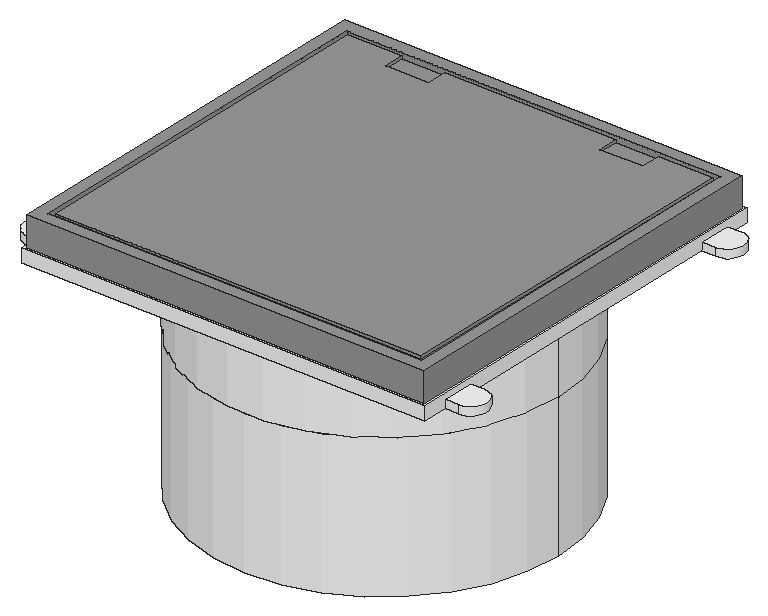
Revit family "HL_Лючок-прочистка_HL98SML", category Příslušenství trubek, Revit 2016
Family settings
  Typ součásti = Normální
  Kóta kulaté spojky = Použít průměr
  Číslo OmniClass = 23.70.50.00
  Nadpis OmniClass = Liquid Waste Handling Services
  Založené na pracovní rovině = Ne
  Vždy vertikální = Ano
  Ořezat dutým tvarem při načtení = Ne
  Sdílené = Ne
Parameters (values of type "HL98SML")
  РАЗМЕР = "DN110"
  ПРОПУСКНАЯ СПОСОБНОСТЬ = 0.0 m³/h
  ПРАВОВАЯ ИНФОРМАЦИЯ = "\"Авторские права(©), права на дизайн или какие либо другие права интелектуальной собственности являются исключительной собственностью компании HL Hutterer & Lechner. Изменению не подлежит. Файл семейства с данными о прозводителе изделия защищен паролем с водяным знаком.\""
  НОМИНАЛЬНЫЙ ДИАМЕТР = 110 mm
  МАТЕРИАЛ = "PP/Edelstahl V2A"
  МАКСИМАЛЬНАЯ НАГРУЗКА КЛАССА = "L 15 - max. 1,5 t"
  ВЕС = "1,033 kg"
  Výrobce = "HL Hutterer & Lechner GmbH"
  URL = "http://www.hutterer-lechner.com/ru/products/catalog/roof-drains/HL98SML.aspx"
  Description = "Лючок-прочистка DN110 SML"
  Model = "HL98SML"
  материал 2 = Stainless Steel
  материал = Plactic - White
  Type Comments = "Лючок-прочистка DN110 SML"
  Keynote = "HL98SML"
  EAN = "9003076012688"
  Cena = 0
Reference planes
  plane 1 "Střed (vpředu/vzadu)": y = 0
  plane 2: z = 0
  plane 3 "Střed (vlevo/vpravo)": x = 0
  plane 4: z = -11
  plane 5: z = -13
  plane 6: z = -16
  plane 7: z = -45
  plane 8: z = -99
Forms (mm)
  Extrusion 1, solid, material "Stainless Steel" <- "материал 2", detail levels fine
    sketch origin (0, 0, 0) x (1, 0, 0) y (0, 1, 0)
      loop
        line (-75.25, 75.25) -> (-75.25, -75.25) -> (75.25, -75.25) -> (75.25, 75.25) -> (-75.25, 75.25)
      loop
        line (70.842, -70.842) -> (70.842, 70.842) -> (-70.842, 70.842) -> (-70.842, -70.842) -> (70.842, -70.842)
    from 0 to -11
  Extrusion 2, solid, material "Plactic - White" <- "материал", detail levels fine
    sketch origin (75.25, -1524, -11) x (0, -1, 0) y (-1, 0, 0)
      loop
        line (-1600.25, -1) -> (-1447.75, -1) -> (-1447.75, 151.5) -> (-1600.25, 151.5) -> (-1600.25, -1)
    from 0 to 5
  Extrusion 3, solid, material "Stainless Steel" <- "материал 2", detail levels fine
    sketch origin (0, 0, 0) x (1, 0, 0) y (0, 1, 0)
      loop
        line (-69, 69) -> (-69, -69) -> (69, -69) -> (69, 69) -> (48.7, 69) -> (48.7, 61.5) -> (32.3, 61.5) -> (32.3, 69) -> (-32.3, 69) -> (-32.3, 61.5) -> (-48.7, 61.5) -> (-48.7, 69) -> (-69, 69)
    from 0 to -1
  Extrusion 4, solid, material "Plactic - White" <- "материал", detail levels fine
    sketch origin (87.5, -1524, -16) x (0, -1, 0) y (-1, 0, 0)
      loop
        circle (-1524, 87.5) r 66
    from 0 to 29
  Extrusion 5, solid, material "Plactic - White" <- "материал", detail levels fine
    sketch origin (52.5, -1524, -45) x (0, -1, 0) y (-1, 0, 0)
      loop
        circle (-1524, 52.5) r 66
      loop
        circle (-1524, 52.5) r 52
    from 0 to 54
  Extrusion 6, solid, material "Plactic - White" <- "материал", detail levels fine
    sketch origin (87.5, -1524, -16) x (0, -1, 0) y (-1, 0, 0)
      loop
        line (-1590.75, 11.25) -> (-1590.75, 6)
        arc (-1590.75, 6) -> (-1584.75, 0) -> (-1578.75, 6) r 6
        line (-1578.75, 6) -> (-1578.75, 11.25) -> (-1590.75, 11.25)
      loop
        line (-1469.25, 11.25) -> (-1469.25, 6)
        arc (-1469.25, 6) -> (-1463.25, 0) -> (-1457.25, 6) r 6
        line (-1457.25, 6) -> (-1457.25, 11.25) -> (-1469.25, 11.25)
      loop
        line (-1590.75, 163.75) -> (-1578.75, 163.75) -> (-1578.75, 169)
        arc (-1578.75, 169) -> (-1584.75, 175) -> (-1590.75, 169) r 6
        line (-1590.75, 169) -> (-1590.75, 163.75)
      loop
        line (-1469.25, 163.75) -> (-1457.25, 163.75) -> (-1457.25, 169)
        arc (-1457.25, 169) -> (-1463.25, 175) -> (-1469.25, 169) r 6
        line (-1469.25, 169) -> (-1469.25, 163.75)
    from 0 to -3
  Extrusion 7, solid, material "Stainless Steel" <- "материал 2", detail levels fine
    sketch origin (75.25, -1524, -11) x (0, -1, 0) y (-1, 0, 0)
      loop
        line (-1593, 144.25) -> (-1593, 6.25) -> (-1455, 6.25) -> (-1455, 144.25) -> (-1593, 144.25)
    from 0 to -10
Cuts and joins
  joined: Extrusion 4, Extrusion 5
Lines and regions (mm)
  reference lines
    curve 1: line (0, 0, 227.2) -> (0, 0, -7.8)
    curve 7: line (0, 0, -7.8) -> (0, 0, -45)
  model lines, detail levels coarse+medium
    curve 2: line (76.25, 76.25, 0) -> (-75.25, 76.25, 0)
    curve 3: line (76.25, -75.25, 0) -> (76.25, 76.25, 0)
    curve 4: line (-75.25, -75.25, 0) -> (76.25, -75.25, 0)
    curve 5: line (-75.25, 76.25, 0) -> (-75.25, -75.25, 0)
    curve 6: line (0, 0, -37.2) -> (0, 0, 0)
Dimensions and locks
  aligned and locked: level to plane 2
  aligned and locked: plane 8 to Extrusion 5
Connectors
  piping at (0, 0, -45), diameter 110, driven by "НОМИНАЛЬНЫЙ ДИАМЕТР", driven by "ПРОПУСКНАЯ СПОСОБНОСТЬ"
    settings: on curve 7, index 1, connector inside diameter 609.6 mm, connector length 0 mm, flow factor 0, pipe flow 0.0 m³/h, pressure drop 0.0 Pa, fitting loss kfactor 0, connector angle 0.00°, fixture units 0, engagement length 0 mm, angle of deflection 0.00°, flow configuration 0, flow direction 0, fitting loss method 0, system type 29, joint type 0, gender type 0, connector reference index -1, connector utility 0, adjustable connector no, is connector primary yes, connector description ""
